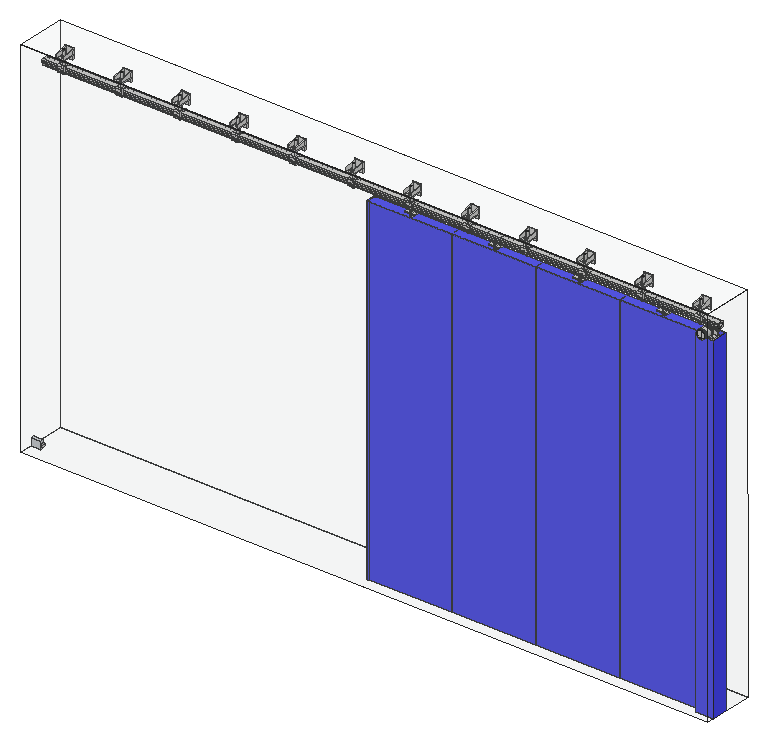
Revit family "Somati-System_SGS_Horizontal-fire-sliding-door_9050_lintel_EI60_W-to-H-less-or-equal-1,3", category Doors, host Wall, Revit 2018
Family settings
  Host = Wall
  OmniClass Number = 23.30.10.00
  OmniClass Title = Doors
  Always vertical = Yes
  Cut with Voids When Loaded = No
  Shared = No
  Room Calculation Point = No
Parameters (values of type "EI 60")
  Youtube clip = "https://www.youtube.com/watch?v=pRjbxBvixFY&feature=emb_logo"
  Wing top offset [instance] = 91 mm  # constant formula
  Wing thickness = 71.2 mm
  Wing access (D) [instance] = [Width (W)] + 150 mm  # 3650 mm
  Width (W) [instance] = 3500 mm
  Weight Net (Kg) = "0"
  Uniformat II Description = ""
  Uniformat II Code = ""
  Uniclass 2015 Name = ""
  Uniclass 2015 Code = ""
  Uniclass 2.0 Description = ""
  Uniclass 2.0 Code = ""
  Uniclass 1.4 Description = ""
  Uniclass 1.4 Code = ""
  UNSPSC Code = ""
  Total height (Z) [instance] = Height Control + 375 mm  # 3975 mm
  Thickness = 0 mm
  Technical description = "https://somati-system.pl/en/download/sgs-download-en/"
  Region South America = "None"
  Region Oceania = "None"
  Region North America = "None"
  Region Middle East = "None"
  Region Europe = "AD, AL, AT, AX, BA, BE, BG, BY, CH, CY, CZ, DE, DK, EE, ES, FI, FO, FR, GB, GG, GI, GR, HR, HU, IE, IM, IS, IT, JE, LI, LT, LU, LV, MC, MD, ME, MK, MT, NL, NO, PL, PT, RO, RS, RU, SE, SI, SJ, SK, SM, UA, VA"
  Region Asia = "None"
  Region Antarctica = "None"
  Region Africa = "None"
  Rail and assembly materials [instance] = Somati - Stainless Steel - 7035
  QR code = "http://bimobject.com/somati-system/product/SGS_HORIZONTAL_FIRE_SLIDING_DOOR"
  Product url = "https://somati-system.pl/en/products/sgs-horizontal-fire-sliding-doors/"
  Product group = "SGS"
  Product family = "SGS"
  Product data url = "https://bimobject.com/somati-system/product/SGS_HORIZONTAL_FIRE_SLIDING_DOOR"
  Product certification = ""
  Product SKU = "SGS_HORIZONTAL_FIRE_SLIDING_DOOR"
  Product Guid = "8235eb12-0acf-4b60-9ca9-7613396e8d01"
  Power supply of control panel = "230V/50Hz/6A"  # constant formula
  Panel width [instance] = ([Width (W)] + 168 mm) / Number of panels in wing  # 917 mm
  Panel material = Somati - Stainless Steel - Custom
  Panel height [instance] = Height Control + Wing top offset  # 3691 mm
  OmniClass Description = ""
  OmniClass Code = ""
  Offset Right [instance] = [Counterweight housing (A2)]  # 210 mm
  Offset Left [instance] = 0 mm
  Number of panels in wing [instance] = roundup([Width (W)] / 1000 mm)  # 4
  Number of hangers [instance] = ([Guide rail length (K)] - 420 mm) / 600 mm  # 12
  Nominal width = 0 mm
  Nominal height = 0 mm
  NBS Reference Description = ""
  NBS Reference Code = ""
  Model = "SGS"  # constant formula
  Max number of opening cycles = 50000  # constant formula
  Material secondary = "Composite"
  Material main = "Steel"
  Masterformat 2014 Description = ""
  Masterformat 2014 Code = ""
  Manufacturer name = "Somati System"
  Manufacturer country = "Poland"
  Manufacturer = "Somati System"  # constant formula
  Installation instructions = ""
  IFC Classification = ""
  Height Control [instance] = if([Height (H)] < 3501 mm, 3501 mm, [Height (H)])  # 3600 mm
  Height (H) [instance] = 3600 mm
  Guide rail lower edge (B1) [instance] = Height Control + 170 mm  # 3770 mm
  Guide rail length (K) [instance] = [Wing access (D)] + [Width (W)] + [Counterweight housing (A2)]  # 7360 mm
  Gate Control type = "Electromagnetic brake"  # constant formula
  GTIN code = ""
  Function = Interior
  Height = 3000 mm
  Wall Closure = By host
  Width = 3000 mm
  Fire resistance = "EI 60, EI 120 n"  # constant formula
  Edition number = 1
  Design country = "Poland"
  Date of publishing = ""
  Counterweight housing (A2) [instance] = if([Width (W)] / Height Control > 1.3, 360 mm, 210 mm)  # 210 mm
  Console mounting axis (B2) [instance] = if(Height Control > 3500 mm, Height Control + 239 mm, Height Control + 179 mm)  # 3839 mm
  Clearance Area Visibility [instance] = yes
  COBIe Type Category = ""
  Buffer (A1) [instance] = [Wing access (D)] + 130 mm  # 3780 mm
  Brand url = ""
  BIMobject main category code = "doors"
  BIMobject main category = "Doors"
  BIMobject category code = "doors-fire"
  BIMobject category = "Fire Doors & Shutters"
  Available surface fnish = "Galvanized Stainless Steel PVC, MDF, HDF, laminate or veneer, STANDARD RAL 7035, 9002, 9006, 9010, and powder coating of whole RAL pallet"  # constant formula
Reference planes
  plane 1: y = 0
  plane 2 "Center (Left/Right)": x = 0
  plane 3 "Left": x = -1750
  plane 4 "Right": x = 1750
  plane 5 "Cutout height": z = 3600
  plane 6 "Exterior": y = 150
  plane 7 "Interior": y = -150
  plane 8 "Consoles mounting axis": z = 3839
  plane 9 "Total height top": z = 3975
  plane 10 "Guide rail bottom": z = 3770
  plane 11 "Wing access": x = -5400
  plane 12 "Buffer placement": x = -5530
  plane 13 "Counterweight housing": x = 1960
  plane 14 "Handle": z = 1050
  plane 15 "Wing end left": x = -1858
  plane 16 "Wing end top": z = 3691
  plane 17 "Wing end right": x = 1810
  plane 18: y = -324
  plane 19 "Wing axis": y = -229.75
  plane 20: y = -75
  plane 21: y = -193.4
  plane 22: y = -266.1
  plane 23: x = -1860
  plane 24 "end of hangers": x = -5190
  plane 25: x = -1040
  plane 26: x = -1795
  plane 27: y = -291.1
  plane 28: y = -162.9
  plane 29: x = -5740
  plane 30: x = -5539
  plane 31: x = -5639.5
  plane 32: x = 1960
  plane 33: x = -5530
  plane 34: x = -5635
  plane 35: z = 3757
  plane 36: x = 1885
  plane 37: y = -398.748
Forms (mm)
  Sweep 1, solid
    path origin (0, -150, 0) x (1, 0, 0) y (0, 0, 1)
      loop
        line (-1750, 0) -> (-1750, 3582) -> (1750, 3582)
    profile origin (-1750, -150, 1791) x (-1, 0, 0) y (0, -1, 0)
      loop
        line (22, 33) -> (22, 4)
        arc (22, 4) -> (23.172, 1.172) -> (26, 0) r 4
        line (26, 0) -> (68, 0)
        arc (68, 0) -> (70.828, 1.172) -> (72, 4) r 4
        line (72, 4) -> (72, 29)
        arc (72, 29) -> (72.586, 30.414) -> (74, 31) r 2
        line (74, 31) -> (95, 31) -> (95, 33) -> (22, 33)
  Sweep 2, solid, material "Somati - Stainless Steel - Custom" <- "Panel material"
    path origin (0, -150, 0) x (1, 0, 0) y (0, 0, 1)
      loop
        line (-1858, 3691) -> (-1858, 0)
    profile origin (-1858, -150, 1845.5) x (0, -1, 0) y (1, 0, 0)
      loop
        arc (18.1, 2) -> (19.272, -0.828) -> (22.1, -2) r 4
        line (22.1, -2) -> (114.1, -2)
        arc (114.1, -2) -> (116.928, -0.828) -> (118.1, 2) r 4
        line (118.1, 2) -> (118.1, 13) -> (116.1, 13) -> (116.1, 2)
        arc (116.1, 2) -> (115.514, 0.586) -> (114.1, 0) r 2
        line (114.1, 0) -> (22.1, 0)
        arc (22.1, 0) -> (20.686, 0.586) -> (20.1, 2) r 2
        line (20.1, 2) -> (20.1, 23) -> (18.1, 23) -> (18.1, 2)
  Sweep 3, solid, material "Somati - Stainless Steel - Custom" <- "Panel material"
    path origin (0, -150, 0) x (1, 0, 0) y (0, 0, 1)
      loop
        line (-1860, 3691) -> (1810, 3691)
    profile origin (-25, -150, 3691) x (0, 0, 1) y (0, -1, 0)
      loop
        line (-23, 19.5) -> (-23, 17.5) -> (-2, 17.5)
        arc (-2, 17.5) -> (0.828, 18.672) -> (2, 21.5) r 4
        line (2, 21.5) -> (2, 117.5) -> (0, 117.5) -> (0, 21.5)
        arc (0, 21.5) -> (-0.586, 20.086) -> (-2, 19.5) r 2
        line (-2, 19.5) -> (-23, 19.5)
  Sweep 4, solid, material "Somati - Stainless Steel - Custom" <- "Panel material"
    path origin (0, -150, 0) x (1, 0, 0) y (0, 0, 1)
      loop
        line (1960, 3691) -> (1960, 0)
    profile origin (1960, -150, 1845.5) x (0, -1, 0) y (1, 0, 0)
      loop
        line (165.25, -198) -> (165.25, 0) -> (0, 0) -> (0, -201) -> (33, -201) -> (33, -152) -> (128.25, -152) -> (128.25, -198) -> (165.25, -198)
      loop
        line (2, -150) -> (131.25, -150) -> (131.25, -195) -> (161.25, -195) -> (161.25, -3) -> (2, -3) -> (2, -150)
  Sweep 5, solid, material "Somati - Stainless Steel - 7035" <- "Rail and assembly materials"
    path origin (0, -150, -4.5) x (1, 0, 0) y (0, 0, 1)
      loop
        line (-5400, 3774.5) -> (1960, 3774.5)
    profile origin (-1720, -150, 3770) x (0, 0, 1) y (0, -1, 0)
      loop
        arc (60, 105.25) -> (57.95, 110.2) -> (53, 112.25) r 7
        line (53, 112.25) -> (30.917, 112.25)
        arc (30.917, 112.25) -> (30.008, 112.191) -> (29.114, 112.014) r 7
        line (29.114, 112.014) -> (5.196, 105.636)
        arc (5.196, 105.636) -> (1.449, 103.137) -> (0, 98.872) r 7
        line (0, 98.872) -> (0, 88.75) -> (3, 88.75) -> (3, 100.25) -> (5.312, 102.562) -> (30.393, 109.25) -> (53, 109.25)
        arc (53, 109.25) -> (55.828, 108.078) -> (57, 105.25) r 4
        line (57, 105.25) -> (57, 54.25)
        arc (57, 54.25) -> (55.828, 51.422) -> (53, 50.25) r 4
        line (53, 50.25) -> (30.393, 50.25) -> (5.312, 56.938) -> (3, 59.25) -> (3, 70.75) -> (0, 70.75) -> (0, 60.628)
        arc (0, 60.628) -> (1.449, 56.363) -> (5.196, 53.864) r 7
        line (5.196, 53.864) -> (29.114, 47.486)
        arc (29.114, 47.486) -> (30.008, 47.309) -> (30.917, 47.25) r 7
        line (30.917, 47.25) -> (53, 47.25)
        arc (53, 47.25) -> (57.95, 49.3) -> (60, 54.25) r 7
        line (60, 54.25) -> (60, 105.25)
  Extrusion 6, solid, material "Clearance Areas", visible <- "Clearance Area Visibility"
    sketch origin (-2209.467, 283.837, 220.701) x (1, 0, 0) y (0, 0, -1)
      loop
        line (-3320.533, 220.701) -> (-3320.533, -3758.299) -> (4169.467, -3758.299) -> (4169.467, 220.701) -> (-3320.533, 220.701)
    from -682.585 to -133.837
  Sweep 7, solid, material "Somati - Stainless Steel - Custom" <- "Panel material", not visible
    path origin (0, -150, 0) x (1, 0, 0) y (0, 0, 1)
      loop
        line (1750, 0) -> (1750, 3691)
    profile origin (1750, -150, 1845.5) x (-1, 0, 0) y (0, -1, 0)
      loop
        line (-9, 0) -> (-9, 33) -> (-58, 33) -> (-58, 124) -> (-12, 124) -> (-12, 161) -> (-60, 161) -> (-60, 0) -> (-9, 0)
Lines and regions (mm)
  Opening 1
    outline origin (-3050, -150, 0) x (1, 0, 0) y (0, 0, 1)
      loop
        line (1300, 0) -> (4800, 0) -> (4800, 3600) -> (1300, 3600) -> (1300, 0)
Text (mm)
  text "Exterior" at (-2295.016, 1099.543, 0), in view "Ref. Level"
  text "Exterior" at (0, 1615.38, 3698.081), in view "Left"
  text "Exterior" at (0, 1036.032, 3874.932), in view "Right"
Dimensions and locks
  equal spacing: plane 3 "Left", plane 2 "Center (Left/Right)", plane 4 "Right"
  "Width (W)": plane 3 "Left" to plane 4 "Right"
  "Height Control": plane 5 "Cutout height" to host wall
  host wall to plane 5 "Cutout height" = 3600 mm  (x2)
  locked: plane 6 "Exterior" to host wall at 0
  locked: plane 7 "Interior" to host wall
  "Total height (Z)": plane 9 "Total height top" to level
  "Console mounting axis (B2)": plane 8 "Consoles mounting axis" to level
  "Guide rail lower edge (B1)": plane 10 "Guide rail bottom" to level
  "Buffer (A1)": plane 12 "Buffer placement" to plane 3 "Left"
  "Counterweight housing (A2)": plane 4 "Right" to plane 13 "Counterweight housing"
  "Wing access (D)": plane 11 "Wing access" to plane 3 "Left"
  locked: plane 14 "Handle" to level at 1050
  equal spacing: plane 21, plane 19 "Wing axis", plane 22
  equal spacing: group 1, group 6, group 14, group 2  (x3)
  locked: plane 4 "Right" to plane 17 "Wing end right" at 60
  "Wing top offset": plane 16 "Wing end top" to plane 5 "Cutout height"
  locked: plane 23 to plane 15 "Wing end left" at 2
  locked: Sweep 1 sketch curve to plane 5 "Cutout height" at 18
  locked: plane 24 "end of hangers" to plane 11 "Wing access" at 210
  equal spacing: group 4, group 16, group 15, group 13, group 12, group 11, group 10, group 9, group 8, group 7, group 5, group 3
  equal spacing: group 3, group 5, group 7, group 8, group 9, group 10, group 11, group 12, group 13, group 15, group 16, group 4  (x2)
  locked: plane 26 to plane 3 "Left" at 45
  locked: plane 28 to plane 21 at 30.5
  locked: plane 22 to plane 27 at 25
  locked: plane 15 "Wing end left" to plane 3 "Left" at 108
  locked: Sweep 4 to plane 19 "Wing axis" at 85.5
  locked: Sweep 4 sketch curve to Sweep 4 sketch curve at 3
  "Counterweight housing (A2)": plane 29 to plane 12 "Buffer placement"
  locked: plane 30 to plane 12 "Buffer placement" at 9
  equal spacing: plane 30, plane 31, plane 29
  "Offset Left": plane 33 to plane 12 "Buffer placement"
  "Offset Right": plane 4 "Right" to plane 32
  equal spacing: plane 29, plane 34, plane 12 "Buffer placement"
  locked: plane 35 to plane 16 "Wing end top" at 66
  equal spacing: plane 17 "Wing end right", plane 36, plane 32
  locked: host wall to plane 37 at 248.748
  locked: plane 19 "Wing axis" to host wall at 79.75
  aligned and locked: plane 3 "Left" to Opening 1 sketch curve
  aligned and locked: plane 5 "Cutout height" to Opening 1 sketch curve  (x2)
  aligned and locked: Opening 1 sketch curve to plane 4 "Right"
  aligned and locked: Opening 1 sketch curve to level
  aligned and locked: host wall to plane 1
  aligned and locked: nested 1 to plane 19 "Wing axis"
  aligned and locked: plane 15 "Wing end left" to nested 1
  aligned and locked: plane 17 "Wing end right" to nested 2
  aligned and locked: Sweep 1 sketch curve to plane 3 "Left"
  aligned and locked: plane 3 "Left" to Sweep 1 sketch curve
  aligned and locked: plane 4 "Right" to Sweep 1 sketch curve
  aligned and locked: level to Sweep 1 sketch curve
  aligned and locked: Sweep 2 sketch curve to plane 15 "Wing end left"
  aligned and locked: plane 16 "Wing end top" to Sweep 2 sketch curve
  aligned and locked: level to Sweep 2 sketch curve
  aligned and locked: Sweep 3 sketch curve to plane 16 "Wing end top"
  aligned and locked: Sweep 3 sketch curve to plane 23
  aligned and locked: plane 16 "Wing end top" to Sweep 4 sketch curve
  aligned and locked: plane 17 "Wing end right" to Sweep 3 sketch curve
  aligned and locked: nested 3 to plane 4 "Right"
  aligned and locked: nested 4 to plane 24 "end of hangers"
  aligned and locked: plane 6 "Exterior" to Extrusion 6
  aligned and locked: plane 13 "Counterweight housing" to Extrusion 6
  aligned and locked: Extrusion 6 to plane 12 "Buffer placement"
  aligned and locked: nested 2 to plane 19 "Wing axis"
  aligned and locked: plane 22 to Sweep 2
  aligned and locked: profile plane to Sweep 4 sketch curve
  aligned and locked: plane 17 "Wing end right" to Sweep 4 sketch curve
  aligned and locked: nested 6 to plane 19 "Wing axis"
  aligned and locked: nested 6 to plane 12 "Buffer placement"
  aligned and locked: Sweep 7 sketch curve to plane 4 "Right"
  aligned and locked: plane 16 "Wing end top" to Sweep 7 sketch curve
  aligned and locked: plane 32 to Sweep 5 sketch curve
  aligned and locked: Sweep 5 sketch curve to plane 10 "Guide rail bottom"
  aligned and locked: plane 9 "Total height top" to nested 3
  aligned and locked: plane 9 "Total height top" to nested 5
  aligned and locked: nested 3 to host wall
  aligned and locked: nested 5 to host wall
  aligned and locked: plane 11 "Wing access" to Sweep 5 sketch curve
  aligned and locked: nested 18 to plane 19 "Wing axis"
  aligned and locked: nested 18 to plane 35
  aligned and locked: plane 36 to nested 18
  aligned and locked: Extrusion 6 to plane 37
  aligned and locked: Extrusion 6 to nested 4
Automatic sketch dimensions
  plane 7 "Interior" to Sweep 1 sketch curve = 0 mm
  Sweep 1 sketch curve to profile plane = 22 mm
  Sweep 1 sketch curve to Sweep 1 sketch curve = 4 mm
  plane 7 "Interior" to Sweep 1 sketch curve = 4 mm
  Sweep 1 sketch curve to Sweep 1 sketch curve = 42 mm
  Sweep 1 sketch curve to Sweep 1 sketch curve = 2 mm
  Sweep 1 sketch curve to Sweep 1 sketch curve = 21 mm
  Sweep 1 sketch curve to Sweep 1 sketch curve = 25 mm
  Sweep 1 sketch curve to Sweep 1 sketch curve = 29 mm
  Sweep 2 sketch curve to Sweep 2 sketch curve = 0 mm  (x4)
  Sweep 2 sketch curve to profile plane = 0 mm
  Sweep 2 sketch curve to profile plane = 2 mm  (x2)
  plane 7 "Interior" to Sweep 2 sketch curve = 18.1 mm
  Sweep 2 sketch curve to Sweep 2 sketch curve = 2 mm
  Sweep 2 sketch curve to Sweep 2 sketch curve = 92 mm
  Sweep 2 sketch curve to Sweep 2 sketch curve = 11 mm
  Sweep 2 sketch curve to Sweep 2 sketch curve = 21 mm
  Sweep 3 sketch curve to Sweep 3 sketch curve = 0 mm  (x2)
  profile plane to Sweep 3 sketch curve = 0 mm
  profile plane to Sweep 3 sketch curve = 2 mm
  Sweep 3 sketch curve to Sweep 3 sketch curve = 21 mm
  Sweep 3 sketch curve to Sweep 3 sketch curve = 2 mm
  plane 7 "Interior" to Sweep 3 sketch curve = 17.5 mm
  Sweep 3 sketch curve to Sweep 3 sketch curve = 96 mm
  Sweep 4 sketch curve to level = 0 mm
  Sweep 4 sketch curve to plane 13 "Counterweight housing" = 0 mm
  plane 7 "Interior" to Sweep 4 sketch curve = 0 mm
  plane 7 "Interior" to Sweep 4 sketch curve = 2 mm
  Sweep 4 sketch curve to Sweep 4 sketch curve = 31 mm
  Sweep 4 sketch curve to Sweep 4 sketch curve = 95.25 mm
  Sweep 4 sketch curve to Sweep 4 sketch curve = 3 mm  (x2)
  Sweep 4 sketch curve to Sweep 4 sketch curve = 30 mm
  Sweep 4 sketch curve to Sweep 4 sketch curve = 4 mm
  Sweep 4 sketch curve to Sweep 4 sketch curve = 2 mm
  Sweep 4 sketch curve to Sweep 4 sketch curve = 45 mm
  Sweep 4 sketch curve to Sweep 4 sketch curve = 49 mm
  plane 9 "Total height top" to Extrusion 6 sketch curve = 4 mm
  Extrusion 6 sketch curve to plane 12 "Buffer placement" = 0 mm
  Extrusion 6 sketch curve to plane 13 "Counterweight housing" = 0 mm
  Extrusion 6 sketch curve to level = 0 mm
  Sweep 7 sketch curve to plane 14 "Handle" = 1050 mm
  plane 7 "Interior" to Sweep 7 sketch curve = 0 mm
  profile plane to Sweep 7 sketch curve = 60 mm
  Sweep 7 sketch curve to Sweep 7 sketch curve = 2 mm
  profile plane to Sweep 7 sketch curve = 12 mm
  profile plane to Sweep 7 sketch curve = 9 mm
  plane 7 "Interior" to Sweep 7 sketch curve = 33 mm
  Sweep 7 sketch curve to Sweep 7 sketch curve = 91 mm
  Sweep 7 sketch curve to Sweep 7 sketch curve = 37 mm
  Sweep 5 sketch curve to Sweep 5 sketch curve = 0 mm  (x5)
  Sweep 5 sketch curve to profile plane = 0 mm  (x2)
  Sweep 5 sketch curve to profile plane = 3 mm  (x2)
  Sweep 5 sketch curve to profile plane = 5.196 mm  (x2)
  Sweep 5 sketch curve to Sweep 5 sketch curve = 0.115 mm  (x2)
  Sweep 5 sketch curve to Sweep 5 sketch curve = 1.688 mm  (x2)
  Sweep 5 sketch curve to Sweep 5 sketch curve = 23.917 mm  (x2)
  Sweep 5 sketch curve to Sweep 5 sketch curve = 1.279 mm  (x2)
  Sweep 5 sketch curve to Sweep 5 sketch curve = 1.804 mm
  Sweep 5 sketch curve to Sweep 5 sketch curve = 0.524 mm
  Sweep 5 sketch curve to Sweep 5 sketch curve = 22.083 mm  (x2)
  Sweep 5 sketch curve to Sweep 5 sketch curve = 4 mm
  Sweep 5 sketch curve to Sweep 5 sketch curve = 3 mm
  plane 7 "Interior" to Sweep 5 sketch curve = 47.25 mm
  Sweep 5 sketch curve to Sweep 5 sketch curve = 0.236 mm
  Sweep 5 sketch curve to Sweep 5 sketch curve = 6.378 mm  (x2)
  Sweep 5 sketch curve to Sweep 5 sketch curve = 3.074 mm  (x2)
  Sweep 5 sketch curve to Sweep 5 sketch curve = 2.312 mm
  Sweep 5 sketch curve to Sweep 5 sketch curve = 10.122 mm  (x2)
  Sweep 5 sketch curve to Sweep 5 sketch curve = 18 mm
  Sweep 5 sketch curve to Sweep 5 sketch curve = 1.378 mm
Nested families
  nested 1: "Family2" at (-1399.5, -229.75, 0), Material <- "Panel material", Width <- "Panel width", Thickness <- "Wing thickness", Height <- "Panel height", type "Family2"
    with Width 917 mm, Thickness 71.2 mm, Material Somati - Stainless Steel - Custom, Height 3691 mm
  nested 2: "Family2" at (1351.5, -229.75, 0), Material <- "Panel material", Width <- "Panel width", Thickness <- "Wing thickness", Height <- "Panel height", type "Family2"
    with Width 917 mm, Thickness 71.2 mm, Material Somati - Stainless Steel - Custom, Height 3691 mm
  nested 3: "Family3" at (1716, -230.402, 3857) x (0, 1, 0) z (1, 0, 0), type "Family3", detail levels medium+fine
  nested 4: "Family3" at (-5224, -230.402, 3857) x (0, 1, 0) z (1, 0, 0), type "Family3", detail levels medium+fine
  nested 5: "Family3" at (1085.091, -230.402, 3857) x (0, 1, 0) z (1, 0, 0), type "Family3", detail levels medium+fine
  nested 6: "Stopper" at (-5480.037, -229.75, 0), type "Stopper", detail levels medium+fine
  nested 7: "Family2" at (-482.5, -229.75, 0), Material <- "Panel material", Width <- "Panel width", Thickness <- "Wing thickness", Height <- "Panel height", type "Family2"
    with Width 917 mm, Thickness 71.2 mm, Material Somati - Stainless Steel - Custom, Height 3691 mm
  nested 8: "Family3" at (454.182, -230.402, 3857) x (0, 1, 0) z (1, 0, 0), type "Family3", detail levels medium+fine
  nested 9: "Family3" at (-176.727, -230.402, 3857) x (0, 1, 0) z (1, 0, 0), type "Family3", detail levels medium+fine
  nested 10: "Family3" at (-807.636, -230.402, 3857) x (0, 1, 0) z (1, 0, 0), type "Family3", detail levels medium+fine
  nested 11: "Family3" at (-1438.545, -230.402, 3857) x (0, 1, 0) z (1, 0, 0), type "Family3", detail levels medium+fine
  nested 12: "Family3" at (-2069.455, -230.402, 3857) x (0, 1, 0) z (1, 0, 0), type "Family3", detail levels medium+fine
  nested 13: "Family3" at (-2700.364, -230.402, 3857) x (0, 1, 0) z (1, 0, 0), type "Family3", detail levels medium+fine
  nested 14: "Family3" at (-3331.273, -230.402, 3857) x (0, 1, 0) z (1, 0, 0), type "Family3", detail levels medium+fine
  nested 15: "Family2" at (434.5, -229.75, 0), Material <- "Panel material", Width <- "Panel width", Thickness <- "Wing thickness", Height <- "Panel height", type "Family2"
    with Width 917 mm, Thickness 71.2 mm, Material Somati - Stainless Steel - Custom, Height 3691 mm
  nested 16: "Family3" at (-3962.182, -230.402, 3857) x (0, 1, 0) z (1, 0, 0), type "Family3", detail levels medium+fine
  nested 17: "Family3" at (-4593.091, -230.402, 3857) x (0, 1, 0) z (1, 0, 0), type "Family3", detail levels medium+fine
  nested 18: "brake" at (1885, -229.75, 3736.165) x (1, 0, 0) z (0, -1, 0), type "brake"
Definition of nested family "Family2"
  Parameters (values of type "Family2")
    Width [instance] = 349.761 mm
    Thickness [instance] = 117.742 mm
    Material [instance] = none
    Height [instance] = 398.765 mm
    Hardware material = none
  Reference planes
    plane 1 "Center (Front/Back)": y = 0
    plane 2: z = 0
    plane 3 "Center (Left/Right)": x = 0
    plane 4: x = -174.88
    plane 5: x = 174.88
    plane 6: y = 58.871
    plane 7: y = -58.871
    plane 8: z = 398.765
  Forms (mm)
    Extrusion 1, solid, material <- "Material"
      sketch origin (0, 0, 0) x (1, 0, 0) y (0, 1, 0)
        loop
          line (-174.88, -58.871) -> (174.88, -58.871) -> (174.88, 58.871) -> (-174.88, 58.871) -> (-174.88, -58.871)
      from 0 to 398.765
  Dimensions and locks
    equal spacing: plane 4, plane 3 "Center (Left/Right)", plane 5
    "Width": plane 4 to plane 5
    equal spacing: plane 6, plane 1 "Center (Front/Back)", plane 7
    "Thickness": plane 6 to plane 7
    "Height": plane 8 to plane 2
    aligned and locked: level to plane 2
    aligned and locked: plane 6 to Extrusion 1
    aligned and locked: Extrusion 1 to plane 7
    aligned and locked: Extrusion 1 to plane 4
    aligned and locked: plane 5 to Extrusion 1
    aligned and locked: plane 6 to Extrusion 1 sketch curve
    aligned and locked: Extrusion 1 sketch curve to plane 7
    aligned and locked: Extrusion 1 sketch curve to plane 4
    aligned and locked: plane 5 to Extrusion 1 sketch curve
    aligned and locked: plane 8 to Extrusion 1
    aligned and locked: plane 3 "Center (Left/Right)" to nested 1
    aligned and locked: plane 1 "Center (Front/Back)" to nested 1
    aligned and locked: nested 1 to plane 8
  Nested families
    nested 1: "Family1" at (0, 0, 491.765), type "Family1", detail levels medium+fine
  Definition of nested family "Family1"
    Parameters (values of type "Family1")
      Material = none
    Reference planes
      plane 1 "Center (Front/Back)": y = 0
      plane 2: z = 0
      plane 3 "Center (Left/Right)": x = 0
      plane 4: y = 1.5
      plane 5: y = -1.5
      plane 6: z = -93
    Forms (mm)
      Extrusion 1, solid, material <- "Material"
        sketch origin (0, 0, 0) x (0, 1, 0) y (0, 0, 1)
          loop
            arc (-4, -26) -> (0.101, -35.899) -> (10, -40) r 14
            line (10, -40) -> (12, -40)
            arc (12, -40) -> (16.243, -41.757) -> (18, -46) r 6
            line (18, -46) -> (18, -48)
            arc (18, -48) -> (16.243, -52.243) -> (12, -54) r 6
            line (12, -54) -> (-34, -54) -> (-34, -62) -> (12, -62)
            arc (12, -62) -> (21.899, -57.899) -> (26, -48) r 14
            line (26, -48) -> (26, -46)
            arc (26, -46) -> (21.899, -36.101) -> (12, -32) r 14
            line (12, -32) -> (10, -32)
            arc (10, -32) -> (5.757, -30.243) -> (4, -26) r 6
            line (4, -26) -> (4, 38) -> (-4, 38) -> (-4, -26)
        from -55 to 55
      Revolve 2, solid, material <- "Material"
        sketch origin (0, 0, 0) x (1, 0, 0) y (0, 0, 1)
          loop
            line (0, -184) -> (8.5, -184) -> (10, -182.5) -> (10, -94) -> (12.375, -94)
            arc (12.375, -94) -> (14.57, -93.613) -> (16.5, -92.5) r 6.422
            line (16.5, -92.5) -> (16.5, -86)
            arc (16.5, -86) -> (14.667, -84.526) -> (12.375, -84) r 5.254
            line (12.375, -84) -> (10, -84) -> (10, -75) -> (12.375, -75)
            arc (12.375, -75) -> (14.57, -74.613) -> (16.5, -73.5) r 6.422
            line (16.5, -73.5) -> (16.5, -67)
            arc (16.5, -67) -> (14.667, -65.526) -> (12.375, -65) r 5.254
            line (12.375, -65) -> (20, -65) -> (20, -62) -> (0, -62) -> (0, -184)
          loop
            line (16.5, -54) -> (16.5, -43)
            arc (16.5, -43) -> (14.667, -41.526) -> (12.375, -41) r 5.254
            line (12.375, -41) -> (0, -41) -> (0, -54) -> (16.5, -54)
          axis (0, -184) -> (0, -41)
        angle from 0 to 360
      Extrusion 3, void
        sketch origin (0, 0, 23) x (1, 0, 0) y (0, 0, 1)
          loop
            arc (-55, -28.637) -> (0, 15) -> (55, -28.637) r 56.479
            line (55, -28.637) -> (55, 17.5) -> (-55, 17.5) -> (-55, -28.637)
        from -23 to 30.5
      Extrusion 4, solid, material <- "Material"
        sketch origin (25, 0, 12.612) x (1, 0, 0) y (0, 0, 1)
          loop
            circle (70, 0) r 9
        from -7 to -3
      Extrusion 5, solid, material <- "Material"
        sketch origin (25, 0, 12.612) x (1, 0, 0) y (0, 0, -1)
          loop
            circle (70, -1.528) r 25
        from -22 to -9
      Sweep 6, void
        path in 3D
          loop
            arc (70, -9, 14.141) -> (95, -9, -10.859) -> (120, -9, 14.141) r 25
            arc (120, -9, 14.141) -> (95, -9, 39.141) -> (70, -9, 14.141) r 25
        profile origin (95, -9, 39.141) x (0, 0, 1) y (0, 1, 0)
          loop
            line (-1.5, 0) -> (0, -1.5) -> (0.954, -0.546) -> (-0.546, 0.954) -> (-1.5, 0)
      Extrusion 7, solid, material <- "Material"
        sketch origin (25, 0, 12.612) x (1, 0, 0) y (0, 0, -1)
          loop
            circle (70, 0) r 9
        from -7 to -3
      Extrusion 8, solid, material <- "Material"
        sketch origin (-25, 0, 12.612) x (-1, 0, 0) y (0, 0, -1)
          loop
            circle (70, 0) r 9
        from -9 to -1.5
      Extrusion 9, solid, material <- "Material"
        sketch origin (-25, 0, 12.612) x (-1, 0, 0) y (0, 0, 1)
          loop
            circle (70, 0) r 9
        from -9 to -1.5
      Extrusion 10, solid, material <- "Material"
        sketch origin (0, 0, 0) x (1, 0, 0) y (0, 0, 1)
          loop
            line (114, 38) -> (-114, 38)
            arc (-114, 38) -> (-118.243, 36.243) -> (-120, 32) r 6
            line (-120, 32) -> (-120, -6)
            arc (-120, -6) -> (-118.243, -10.243) -> (-114, -12) r 6
            line (-114, -12) -> (-70, -12) -> (-70, -4) -> (-24.592, -4) -> (24.592, -4) -> (70, -4) -> (70, -12) -> (114, -12)
            arc (114, -12) -> (118.243, -10.243) -> (120, -6) r 6
            line (120, -6) -> (120, 32)
            arc (120, 32) -> (118.243, 36.243) -> (114, 38) r 6
        from -1.5 to 1.5
      Revolve 11, solid, material <- "Material"
        sketch origin (0, 0, 0) x (0, 1, 0) y (0, 0, 1)
          loop
            arc (-22.5, -52.2) -> (-24.522, -52.351) -> (-26.5, -52.8) r 13.633
            line (-26.5, -52.8) -> (-26.5, -54) -> (-22.5, -54) -> (-22.5, -52.2)
          axis (-22.5, -54) -> (-22.5, -52.2)
        angle from 0 to 360
      Sweep 12, void
        path in 3D
          loop
            arc (70, -22, 14.141) -> (95, -22, -10.859) -> (120, -22, 14.141) r 25
            arc (120, -22, 14.141) -> (95, -22, 39.141) -> (70, -22, 14.141) r 25
        profile origin (95, -22, 39.141) x (0, 0, -1) y (0, -1, 0)
          loop
            line (1.5, 0) -> (0.546, 0.954) -> (-0.954, -0.546) -> (0, -1.5) -> (1.5, 0)
      Extrusion 13, solid, material <- "Material"
        sketch origin (25, 0, 12.612) x (1, 0, 0) y (0, 0, 1)
          loop
            circle (70, 1.528) r 25
        from -22 to -9
      Sweep 14, void
        path in 3D
          loop
            arc (120, 9, 14.141) -> (95, 9, -10.859) -> (70, 9, 14.141) r 25
            arc (70, 9, 14.141) -> (95, 9, 39.141) -> (120, 9, 14.141) r 25
        profile origin (95, 9, 39.141) x (0, 0, 1) y (0, -1, 0)
          loop
            line (-1.5, 0) -> (0, -1.5) -> (0.954, -0.546) -> (-0.546, 0.954) -> (-1.5, 0)
      Sweep 15, void
        path in 3D
          loop
            arc (70, 22, 14.141) -> (95, 22, -10.859) -> (120, 22, 14.141) r 25
            arc (120, 22, 14.141) -> (95, 22, 39.141) -> (70, 22, 14.141) r 25
        profile origin (95, 22, 39.141) x (0, 0, 1) y (0, 1, 0)
          loop
            line (-1.5, 0) -> (0, -1.5) -> (0.954, -0.546) -> (-0.546, 0.954) -> (-1.5, 0)
      Extrusion 16, solid, material <- "Material"
        sketch origin (-25, 0, 12.612) x (-1, 0, 0) y (0, 0, -1)
          loop
            circle (70, 0) r 9
        from -9 to -3
      Extrusion 17, solid, material <- "Material"
        sketch origin (-25, 0, 12.612) x (-1, 0, 0) y (0, 0, 1)
          loop
            circle (70, 1.528) r 25
        from -22 to -9
      Sweep 18, void
        path in 3D
          loop
            arc (-120, -9, 14.141) -> (-95, -9, -10.859) -> (-70, -9, 14.141) r 25
            arc (-70, -9, 14.141) -> (-95, -9, 39.141) -> (-120, -9, 14.141) r 25
        profile origin (-95, -9, 39.141) x (0, 0, 1) y (0, 1, 0)
          loop
            line (-1.5, 0) -> (0, -1.5) -> (0.954, -0.546) -> (-0.546, 0.954) -> (-1.5, 0)
      Extrusion 19, solid, material <- "Material"
        sketch origin (-25, 0, 12.612) x (-1, 0, 0) y (0, 0, 1)
          loop
            circle (70, 0) r 9
        from -9 to -3
      Sweep 20, void
        path in 3D
          loop
            arc (-70, -22, 14.141) -> (-95, -22, -10.859) -> (-120, -22, 14.141) r 25
            arc (-120, -22, 14.141) -> (-95, -22, 39.141) -> (-70, -22, 14.141) r 25
        profile origin (-95, -22, 39.141) x (0, 0, 1) y (0, -1, 0)
          loop
            line (-1.5, 0) -> (0, -1.5) -> (0.954, -0.546) -> (-0.546, 0.954) -> (-1.5, 0)
      Extrusion 21, solid, material <- "Material"
        sketch origin (-25, 0, 12.612) x (-1, 0, 0) y (0, 0, -1)
          loop
            circle (70, -1.528) r 25
        from -22 to -9
      Sweep 22, void
        path in 3D
          loop
            arc (-70, 9, 14.141) -> (-95, 9, -10.859) -> (-120, 9, 14.141) r 25
            arc (-120, 9, 14.141) -> (-95, 9, 39.141) -> (-70, 9, 14.141) r 25
        profile origin (-95, 9, 39.141) x (0, 0, 1) y (0, -1, 0)
          loop
            line (-1.5, 0) -> (0, -1.5) -> (0.954, -0.546) -> (-0.546, 0.954) -> (-1.5, 0)
      Sweep 23, void
        path in 3D
          loop
            arc (-70, 22, 14.141) -> (-95, 22, -10.859) -> (-120, 22, 14.141) r 25
            arc (-120, 22, 14.141) -> (-95, 22, 39.141) -> (-70, 22, 14.141) r 25
        profile origin (-95, 22, 39.141) x (0, 0, -1) y (0, 1, 0)
          loop
            line (1.5, 0) -> (0.546, 0.954) -> (-0.954, -0.546) -> (0, -1.5) -> (1.5, 0)
    Cuts and joins
      Extrusion 3 cuts Extrusion 1
      Sweep 6, Sweep 12, Sweep 14, Sweep 15, Sweep 18, Sweep 20 cuts Extrusion 5
      Sweep 14, Sweep 15, Sweep 22, Sweep 23 cuts Extrusion 13
      Sweep 18, Sweep 20 cuts Extrusion 17
      Sweep 22, Sweep 23 cuts Extrusion 21
    Lines and regions (mm)
      sketch lines
        curve 1: arc (120, -9, 14.141) -> (95, -9, 39.141) -> (70, -9, 14.141) r 25
        curve 2: arc (70, -9, 14.141) -> (95, -9, -10.859) -> (120, -9, 14.141) r 25
        curve 3: arc (120, -22, 14.141) -> (95, -22, 39.141) -> (70, -22, 14.141) r 25
        curve 4: arc (70, -22, 14.141) -> (95, -22, -10.859) -> (120, -22, 14.141) r 25
        curve 5: arc (70, 9, 14.141) -> (95, 9, 39.141) -> (120, 9, 14.141) r 25
        curve 6: arc (120, 9, 14.141) -> (95, 9, -10.859) -> (70, 9, 14.141) r 25
        curve 7: arc (120, 22, 14.141) -> (95, 22, 39.141) -> (70, 22, 14.141) r 25
        curve 8: arc (70, 22, 14.141) -> (95, 22, -10.859) -> (120, 22, 14.141) r 25
        curve 9: arc (-70, -9, 14.141) -> (-95, -9, 39.141) -> (-120, -9, 14.141) r 25
        curve 10: arc (-120, -9, 14.141) -> (-95, -9, -10.859) -> (-70, -9, 14.141) r 25
        curve 11: arc (-120, -22, 14.141) -> (-95, -22, 39.141) -> (-70, -22, 14.141) r 25
        curve 12: arc (-70, -22, 14.141) -> (-95, -22, -10.859) -> (-120, -22, 14.141) r 25
        curve 13: arc (-120, 9, 14.141) -> (-95, 9, 39.141) -> (-70, 9, 14.141) r 25
        curve 14: arc (-70, 9, 14.141) -> (-95, 9, -10.859) -> (-120, 9, 14.141) r 25
        curve 15: arc (-120, 22, 14.141) -> (-95, 22, 39.141) -> (-70, 22, 14.141) r 25
        curve 16: arc (-70, 22, 14.141) -> (-95, 22, -10.859) -> (-120, 22, 14.141) r 25
    Dimensions and locks
      aligned and locked: level to plane 2
Definition of nested family "Family3"
  Parameters (values of type "Family3")
    Material = none
    Default Elevation = 1219.2 mm
  Reference planes
    plane 1 "Center (Front/Back)": y = 0
    plane 2: z = 0
    plane 3 "Center (Left/Right)": x = 0
    plane 4: z = 34
    plane 5: y = -35.027
  Forms (mm)
    Extrusion 1, solid, material <- "Material"
      sketch origin (-42.203, -116.551, 0) x (1, 0, 0) y (0, 1, 0)
        loop
          arc (11.703, 98.551) -> (4.632, 95.622) -> (1.703, 88.551) r 10
          line (1.703, 88.551) -> (1.703, 54.862)
          arc (1.703, 54.862) -> (1.787, 53.562) -> (2.04, 52.285) r 10
          line (2.04, 52.285) -> (7.723, 30.974)
          arc (7.723, 30.974) -> (11.293, 25.621) -> (17.385, 23.551) r 10
          line (17.385, 23.551) -> (29.703, 23.551) -> (29.703, 29.551) -> (17.385, 29.551)
          arc (17.385, 29.551) -> (14.948, 30.379) -> (13.52, 32.52) r 4
          line (13.52, 32.52) -> (7.838, 53.831)
          arc (7.838, 53.831) -> (7.737, 54.342) -> (7.703, 54.862) r 4
          line (7.703, 54.862) -> (7.703, 88.551)
          arc (7.703, 88.551) -> (8.874, 91.38) -> (11.703, 92.551) r 4
          line (11.703, 92.551) -> (72.703, 92.551)
          arc (72.703, 92.551) -> (75.531, 91.38) -> (76.703, 88.551) r 4
          line (76.703, 88.551) -> (76.703, 54.862)
          arc (76.703, 54.862) -> (76.669, 54.342) -> (76.568, 53.831) r 4
          line (76.568, 53.831) -> (70.885, 32.52)
          arc (70.885, 32.52) -> (69.457, 30.379) -> (67.02, 29.551) r 4
          line (67.02, 29.551) -> (54.703, 29.551) -> (54.703, 23.551) -> (67.02, 23.551)
          arc (67.02, 23.551) -> (73.112, 25.621) -> (76.682, 30.974) r 10
          line (76.682, 30.974) -> (82.365, 52.285)
          arc (82.365, 52.285) -> (82.618, 53.562) -> (82.703, 54.862) r 10
          line (82.703, 54.862) -> (82.703, 88.551)
          arc (82.703, 88.551) -> (79.774, 95.622) -> (72.703, 98.551) r 10
          line (72.703, 98.551) -> (11.703, 98.551)
      from 0 to 68
    Revolve 2, solid, material <- "Material"
      sketch origin (0, 15, 34) x (1, 0, 0) y (0, 1, 0)
        loop
          line (0, -33) -> (10, -33) -> (10, 12) -> (12.375, 12)
          arc (12.375, 12) -> (14.57, 12.387) -> (16.5, 13.5) r 6.422
          line (16.5, 13.5) -> (16.5, 20)
          arc (16.5, 20) -> (14.667, 21.474) -> (12.375, 22) r 5.254
          line (12.375, 22) -> (20, 22) -> (20, 25) -> (0, 25) -> (0, -33)
        loop
          line (0, 33) -> (20, 33) -> (20, 36) -> (12.375, 36)
          arc (12.375, 36) -> (14.57, 36.387) -> (16.5, 37.5) r 6.422
          line (16.5, 37.5) -> (16.5, 44)
          arc (16.5, 44) -> (14.667, 45.474) -> (12.375, 46) r 5.254
          line (12.375, 46) -> (10, 46) -> (10, 105.5) -> (8.5, 107) -> (0, 107) -> (0, 33)
        axis (0, 107) -> (0, -33)
      angle from 0 to 360
    Extrusion 3, solid, material <- "Material"
      sketch origin (-0.197, 0, 63.854) x (0, 1, 0) y (0, 0, -1)
        loop
          line (107, 76.927) -> (54, 76.927)
          arc (54, 76.927) -> (44.1, 72.827) -> (40, 62.927) r 14
          line (40, 62.927) -> (40, 0.927)
          arc (40, 0.927) -> (44.1, -8.972) -> (54, -13.073) r 14
          line (54, -13.073) -> (107, -13.073) -> (107, -5.073) -> (54, -5.073)
          arc (54, -5.073) -> (49.757, -3.315) -> (48, 0.927) r 6
          line (48, 0.927) -> (48, 62.927)
          arc (48, 62.927) -> (49.757, 67.17) -> (54, 68.927) r 6
          line (54, 68.927) -> (107, 68.927) -> (107, 76.927)
      from -72.598 to 49.402
    Extrusion 4, solid, material <- "Material"
      sketch origin (-0.197, 0, 63.854) x (0, 1, 0) y (0, 0, -1)
        loop
          line (118, 76.927) -> (8, 76.927) -> (8, -13.073) -> (118, -13.073) -> (118, 76.927)
      from -80.598 to -72.598
    Extrusion 5, void
      sketch origin (-0.197, 0, 63.854) x (0, 1, 0) y (-1, 0, 0)
        loop
          line (80.705, 49.402) -> (107, -71.653) -> (107, 49.402) -> (80.705, 49.402)
      from -76.927 to 13.073
  Cuts and joins
    Extrusion 5 cuts Extrusion 3
  Dimensions and locks
    aligned and locked: level to plane 2
Definition of nested family "Stopper"
  Parameters (values of type "Stopper")
    Material = none
  Reference planes
    plane 1 "Center (Front/Back)": y = 0
    plane 2: z = 0
    plane 3 "Center (Left/Right)": x = 0
  Forms (mm)
    Extrusion 1, solid
      sketch origin (0, -69.316, 40.1) x (1, 0, 0) y (0, 1, 0)
        loop
          line (-49.963, 50.816) -> (50, 50.816) -> (50, 87.816) -> (-49.963, 87.816) -> (-49.963, 50.816)
      from -40 to 40
    Revolve 2, solid, material <- "Material"
      sketch origin (0, -18.5, 40.1) x (1, 0, 0) y (0, 1, 0)
        loop
          line (50, 36.9) -> (50, 18.5) -> (67.112, 18.5) -> (67.112, 36.9) -> (50, 36.9)
        axis (50, 18.5) -> (67.112, 18.5)
      angle from 0 to 360
  Dimensions and locks
    aligned and locked: level to plane 2
Definition of nested family "brake"
  Parameters (values of type "brake")
    Material = none
    Default Elevation = 1219.2 mm
  Reference planes
    plane 1 "Center (Front/Back)": y = 0
    plane 2: z = 0
    plane 3 "Center (Left/Right)": x = 0
    plane 4: z = 0
  Forms (mm)
    Revolve 1, solid, material <- "Material", detail levels medium+fine
      sketch origin (-1.83, 20.835, 169) x (0, 1, 0) y (0, 0, -1)
        loop
          line (0, 113.55) -> (0, 0) -> (43.75, 0)
          arc (43.75, 0) -> (44.457, 0.293) -> (44.75, 1) r 1
          line (44.75, 1) -> (44.75, 14.373) -> (47.25, 17.352) -> (47.25, 76) -> (45.25, 78) -> (47.5, 78) -> (47.5, 81) -> (21.5, 81) -> (21.5, 89.5)
          arc (21.5, 89.5) -> (21.207, 90.207) -> (20.5, 90.5) r 1
          line (20.5, 90.5) -> (12.5, 90.5) -> (12.5, 93.55) -> (23, 93.55) -> (23, 95.3) -> (48, 95.3) -> (48, 97.8) -> (43.067, 101.346) -> (48, 104.8) -> (48, 107.3) -> (23, 107.3) -> (23, 109.05) -> (12, 109.05) -> (12, 110.55) -> (6, 110.55) -> (6, 112.55) -> (5, 113.55) -> (0, 113.55)
        axis (0, 113.55) -> (0, 0)
      angle from 0 to 360
    Revolve 2, solid, material <- "Material", detail levels medium+fine
      sketch origin (-49.158, 19.721, 169) x (0, 1, 0) y (0, 0, -1)
        loop
          line (-40, 180) -> (-40, 139.5) -> (-30.5, 139.5) -> (-29.03, 140.349) -> (-29.03, 147.5) -> (-26.5, 147.5) -> (-26.5, 150) -> (-33.5, 150) -> (-33.5, 153) -> (-28, 153) -> (-28, 155) -> (-12.5, 155) -> (-12.5, 157) -> (-16.068, 158.552)
          arc (-16.068, 158.552) -> (-18, 161.5) -> (-16.068, 164.448) r 3.214
          line (-16.068, 164.448) -> (-12.5, 166) -> (-12.5, 168) -> (-28, 168) -> (-28, 170) -> (-30.5, 170) -> (-29.03, 170.849) -> (-29.03, 178) -> (-30.5, 178.849) -> (-33.899, 178.849) -> (-35.05, 180) -> (-40, 180)
        axis (-40, 180) -> (-40, 139.5)
      angle from 0 to 360
    Revolve 3, solid, material <- "Material", detail levels medium+fine
      sketch origin (53.17, 20.835, 169) x (0, 1, 0) y (0, 0, -1)
        loop
          line (-7.5, 169) -> (33, 169) -> (33, 173.95) -> (31.95, 175) -> (3, 175) -> (3, 182.5) -> (0.5, 182.5) -> (0.5, 179.97) -> (-6.651, 179.97) -> (-7.5, 178.5) -> (-7.5, 169)
        axis (-7.5, 169) -> (33, 169)
      angle from 0 to 360
    Extrusion 4, solid, material <- "Material"
      sketch origin (-1.83, 20.835, 169) x (0, 1, 0) y (0, 0, -1)
        loop
          arc (3, 154.5) -> (2.561, 153.439) -> (1.5, 153) r 1.5
          line (1.5, 153) -> (-56, 153)
          arc (-56, 153) -> (-58.121, 152.121) -> (-59, 150) r 3
          line (-59, 150) -> (-59, 81)
          arc (-59, 81) -> (-58.121, 78.879) -> (-56, 78) r 3
          line (-56, 78) -> (47.5, 78) -> (47.5, 81) -> (-56, 81) -> (-56, 150) -> (1.5, 150)
          arc (1.5, 150) -> (4.682, 151.318) -> (6, 154.5) r 4.5
          line (6, 154.5) -> (6, 187) -> (3, 187) -> (3, 154.5)
      from -70 to 70
    Revolve 5, solid, material <- "Material", detail levels medium+fine
      sketch origin (-56.83, 20.835, 169) x (0, 1, 0) y (0, 0, 1)
        loop
          line (-7.5, -169) -> (-7.5, -178.5) -> (-6.651, -179.97) -> (0.5, -179.97) -> (0.5, -182.5) -> (3, -182.5) -> (3, -175) -> (31.95, -175) -> (33, -173.95) -> (33, -169) -> (-7.5, -169)
        axis (-7.5, -169) -> (33, -169)
      angle from 0 to 360
    Extrusion 6, void
      sketch origin (-1.83, 68.335, 91) x (1, 0, 0) y (0, -1, 0)
        loop
          line (-69.695, 98.721) -> (-77.865, 98.721) -> (-77.865, -6.279) -> (79.695, -6.279) -> (79.695, 98.721) -> (69.695, 98.721) -> (44.608, 30.233)
          arc (44.608, 30.233) -> (0, -0.933) -> (-44.608, 30.233) r 47.506
          line (-44.608, 30.233) -> (-69.695, 98.721)
      from 0 to 75
    Extrusion 7, solid, material <- "Material", detail levels coarse
      sketch origin (0, 0, 0) x (1, 0, 0) y (0, 1, 0)
        loop
          circle (-1.83, 20.835) r 48
      from 61.7 to 170.45
    Extrusion 8, solid, material <- "Material", detail levels coarse
      sketch origin (0, 0, 0) x (1, 0, 0) y (0, 1, 0)
        loop
          circle (-49.158, -20.279) r 27.5
      from 0 to 14
  Cuts and joins
    Extrusion 6 cuts Revolve 3
    Extrusion 6 cuts Revolve 5
    Extrusion 6 cuts Extrusion 4
  Lines and regions (mm)
    reference lines
      curve 1: line (0, 53.835, 0) -> (0, -57.961, 0)
      curve 2: line (0, 20.835, 55.45) -> (0, 20.835, 170.45)
  Dimensions and locks
    aligned and locked: level to plane 2
